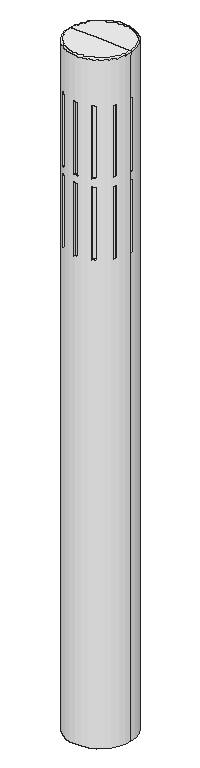
Revit family "NBS_CordekLtd_DschrgeAndVntltngStackTrmntns_GasVentingBollard-027", category Specialty Equipment, Revit 2014
Parameters (values of type "GasVentingBollard-027")
  Width = 110.00 mm
  Weight = "1.475 kg"
  WarrantyStartDate [instance] = "1900-12-31T23:59:59"
  WarrantyGuarantorParts = "n/a"
  WarrantyGuarantorLabor = "n/a"
  WarrantyDurationUnit = "year"
  WarrantyDurationParts = "n/a"
  WarrantyDurationLabor = "n/a"
  WarrantyDescription = "n/a"
  Version = "1"  # constant formula
  Uniclass2015Version = "Products v1.1"  # constant formula
  Uniclass2015Reference = "Pr_65_52_61_23"
  Uniclass2015Description = "Discharge and ventilating stack terminations"
  Uniclass2 = "90-62-24/422"
  TagNumber [instance] = "n/a"
  SustainabilityPerformance = "n/a"
  Size = "110 x 110 x 1100 mm"
  Shape = "Circular"
  SerialNumber [instance] = "n/a"
  Revision = "n/a"
  ReplacementCost = "n/a"
  Reference = "n/a"
  ProductInformation = "www.cordek.com/uploads/data_sheets/M-DS16_gas_venting_bollard_data_sheet_v2_cordek.pdf"
  NominalWidth = Width  # 110.00 mm
  NominalLength = Length  # 110.00 mm
  NominalHeight = Height  # 1100.00 mm
  Name = "DischargeAndVentilatingStackTerminations_GasVentingBollard-027_CordekLtd"
  NBSTypeID = "n/a"
  NBSReference = "90-10-60/437"
  NBSOfficeMasterTag = "n/a"
  NBSNote = "n/a"
  NBSDescription = "Discharge and ventilating stack terminations"
  NBSCertification = "http://www.nationalbimlibrary.com/cert/tzqu1xy0"
  ModelReference = "Gas Venting Bollard - 027"
  ModelNumber = "CGV-027"
  Material = "High density polyethylene (HDPE)"
  ManufacturerURL = "www.cordek.com"
  ManufacturerName = "Cordek Ltd"  # constant formula
  Manufacturer = "info@cordek.com"  # constant formula
  Length = 110.00 mm
  InstallationDate [instance] = "1900-12-31T23:59:59"
  IfcExportType = "NOTDEFINED"  # constant formula
  IfcExportAs = "IfcStackTerminalType"  # constant formula
  Height = 1100.00 mm
  Grade = "n/a"
  FreeAirFlow = "25000 mm²"
  Finish = "n/a"
  Features = "Can be positioned at large centres due to high level of free air flow, high quality, robust construction, elevated vent position to avoid potential for water and/or debris ingress"
  ExpectedLife = "n/a"
  DurationUnit = "year"
  Description = "HDPE gas venting bollard"
  Constituents = "n/a"
  ConnectionSizes = "n/a"
  ColourOptions = "n/a"
  Color = "Black"
  CodePerformance = "n/a"
  Category = "Pr_65_52_61_23:Discharge and ventilating stack terminations"
  BollardMaterial = NBS_Concept
  BarCode [instance] = "n/a"
  BIMObjectName = "NBS_CordekLtd_DischargeAndVentilatingStackTerminations_GasVentingBollard-027"
  Author = "NBS"  # constant formula
  AssetType = "Fixed"
  AssetIdentifier [instance] = "n/a"
  Arrangement = "Bollard with vents"
  Accessories = "Horizontal extension sleeve"
  AccessibilityPerformance = "n/a"
Reference planes
  plane 1 "Center (Front/Back)": y = 0
  plane 2: z = 0
  plane 3 "Center (Left/Right)": x = 0
  plane 4 "Top": z = 1100
  plane 5 "Left": x = -55
  plane 6 "Right": x = 55
  plane 7 "Back": y = 55
  plane 8 "Front": y = -55
  plane 9: z = 1025
  plane 10: z = 908.043
  plane 11: z = 895
  plane 12: z = 778.074
Forms (mm)
  Revolve 1, solid, material "NBS_Concept" <- "BollardMaterial", detail levels medium+fine
    sketch origin (0, 0, 0) x (1, 0, 0) y (0, 0, 1)
      loop
        line (0, 1100) -> (-53, 1100)
        arc (-53, 1100) -> (-54.414, 1099.414) -> (-55, 1098) r 2
        line (-55, 1098) -> (-55, 0) -> (-52, 0) -> (-52, 1032.779) -> (0, 1032.779) -> (0, 1100)
      axis (0, 1100) -> (0, 0)
    angle from 0 to 360
  Revolve 2, solid, material "NBS_Concept" <- "BollardMaterial", detail levels coarse
    sketch origin (0, 0, 0) x (1, 0, 0) y (0, 0, 1)
      loop
        line (0, 1100) -> (-55, 1100) -> (-55, 0) -> (-52, 0) -> (-52, 1025) -> (0, 1025) -> (0, 1100)
      axis (0, 0) -> (0, 1100)
    angle from 0 to 360
  Extrusion 3, void
    sketch origin (0, 0, 0) x (1, 0, 0) y (0, 0, 1)
      loop
        line (-3.5, 908.043) -> (3.5, 908.043) -> (3.5, 1025) -> (-3.5, 1025) -> (-3.5, 908.043)
      loop
        line (-3.5, 778.074) -> (3.5, 778.074) -> (3.5, 895) -> (-3.5, 895) -> (-3.5, 778.074)
    from -60 to 60
  Extrusion 4, void
    sketch origin (0, 0, 0) x (0.5, 0.866025, 0) y (0, 0, 1)
      loop
        line (-3.5, 908.043) -> (3.5, 908.043) -> (3.5, 1025) -> (-3.5, 1025) -> (-3.5, 908.043)
      loop
        line (-3.5, 778.074) -> (3.5, 778.074) -> (3.5, 895) -> (-3.5, 895) -> (-3.5, 778.074)
    from -60 to 60
  Extrusion 5, void
    sketch origin (0, 0, 0) x (0.866025, 0.5, 0) y (0, 0, 1)
      loop
        line (-3.5, 908.043) -> (3.5, 908.043) -> (3.5, 1025) -> (-3.5, 1025) -> (-3.5, 908.043)
      loop
        line (-3.5, 778.074) -> (3.5, 778.074) -> (3.5, 895) -> (-3.5, 895) -> (-3.5, 778.074)
    from -60 to 60
  Extrusion 6, void
    sketch origin (0, 0, 0) x (0, 1, 0) y (0, 0, 1)
      loop
        line (-3.5, 908.043) -> (3.5, 908.043) -> (3.5, 1025) -> (-3.5, 1025) -> (-3.5, 908.043)
      loop
        line (-3.5, 778.074) -> (3.5, 778.074) -> (3.5, 895) -> (-3.5, 895) -> (-3.5, 778.074)
    from -60 to 60
  Extrusion 7, void
    sketch origin (0, 0, 0) x (0.5, -0.866025, 0) y (0, 0, -1)
      loop
        line (-3.5, -908.043) -> (-3.5, -1025) -> (3.5, -1025) -> (3.5, -908.043) -> (-3.5, -908.043)
      loop
        line (-3.5, -778.074) -> (-3.5, -895) -> (3.5, -895) -> (3.5, -778.074) -> (-3.5, -778.074)
    from -60 to 60
  Extrusion 8, void
    sketch origin (0, 0, 0) x (0.866025, -0.5, 0) y (0, 0, -1)
      loop
        line (-3.5, -908.043) -> (-3.5, -1025) -> (3.5, -1025) -> (3.5, -908.043) -> (-3.5, -908.043)
      loop
        line (-3.5, -778.074) -> (-3.5, -895) -> (3.5, -895) -> (3.5, -778.074) -> (-3.5, -778.074)
    from -60 to 60
  Extrusion 9, void
    sketch origin (0, 0, 0) x (0, 1, 0) y (0, 0, 1)
      loop
        line (11.21, 1021.5) -> (11.21, 911.543)
        arc (11.21, 911.543) -> (12.235, 909.068) -> (14.71, 908.043) r 3.5
        line (14.71, 908.043) -> (60, 908.043) -> (60, 1025) -> (14.71, 1025)
        arc (14.71, 1025) -> (12.235, 1023.975) -> (11.21, 1021.5) r 3.5
      loop
        line (14.71, 778.074) -> (60, 778.074) -> (60, 895) -> (14.71, 895)
        arc (14.71, 895) -> (12.235, 893.975) -> (11.21, 891.5) r 3.5
        line (11.21, 891.5) -> (11.21, 781.574)
        arc (11.21, 781.574) -> (12.235, 779.099) -> (14.71, 778.074) r 3.5
      loop
        arc (-11.21, 1021.5) -> (-12.235, 1023.975) -> (-14.71, 1025) r 3.5
        line (-14.71, 1025) -> (-60, 1025) -> (-60, 908.043) -> (-14.71, 908.043)
        arc (-14.71, 908.043) -> (-12.235, 909.068) -> (-11.21, 911.543) r 3.5
        line (-11.21, 911.543) -> (-11.21, 1021.5)
      loop
        arc (-14.71, 778.074) -> (-12.235, 779.099) -> (-11.21, 781.574) r 3.5
        line (-11.21, 781.574) -> (-11.21, 891.5)
        arc (-11.21, 891.5) -> (-12.235, 893.975) -> (-14.71, 895) r 3.5
        line (-14.71, 895) -> (-60, 895) -> (-60, 778.074) -> (-14.71, 778.074)
    from 11.21 to 65
  Extrusion 10, void
    sketch origin (0, 0, 0) x (0, 1, 0) y (0, 0, -1)
      loop
        arc (11.21, -1021.5) -> (12.235, -1023.975) -> (14.71, -1025) r 3.5
        line (14.71, -1025) -> (60, -1025) -> (60, -908.043) -> (14.71, -908.043)
        arc (14.71, -908.043) -> (12.235, -909.068) -> (11.21, -911.543) r 3.5
        line (11.21, -911.543) -> (11.21, -1021.5)
      loop
        arc (14.71, -778.074) -> (12.235, -779.099) -> (11.21, -781.574) r 3.5
        line (11.21, -781.574) -> (11.21, -891.5)
        arc (11.21, -891.5) -> (12.235, -893.975) -> (14.71, -895) r 3.5
        line (14.71, -895) -> (60, -895) -> (60, -778.074) -> (14.71, -778.074)
      loop
        line (-11.21, -1021.5) -> (-11.21, -911.543)
        arc (-11.21, -911.543) -> (-12.235, -909.068) -> (-14.71, -908.043) r 3.5
        line (-14.71, -908.043) -> (-60, -908.043) -> (-60, -1025) -> (-14.71, -1025)
        arc (-14.71, -1025) -> (-12.235, -1023.975) -> (-11.21, -1021.5) r 3.5
      loop
        line (-14.71, -778.074) -> (-60, -778.074) -> (-60, -895) -> (-14.71, -895)
        arc (-14.71, -895) -> (-12.235, -893.975) -> (-11.21, -891.5) r 3.5
        line (-11.21, -891.5) -> (-11.21, -781.574)
        arc (-11.21, -781.574) -> (-12.235, -779.099) -> (-14.71, -778.074) r 3.5
    from 11.21 to 65
Cuts and joins
  Extrusion 3, Extrusion 4, Extrusion 5, Extrusion 6, Extrusion 7, Extrusion 8 cuts Revolve 1
  Extrusion 9, Extrusion 10 cuts Revolve 2
Dimensions and locks
  "Height": plane 4 "Top" to level
  equal spacing: plane 7 "Back", plane 1 "Center (Front/Back)", plane 8 "Front"
  "Width": plane 7 "Back" to plane 8 "Front"
  equal spacing: plane 5 "Left", plane 3 "Center (Left/Right)", plane 6 "Right"
  "Length": plane 5 "Left" to plane 6 "Right"
  aligned and locked: level to plane 2
  aligned and locked: Revolve 1 sketch curve to plane 3 "Center (Left/Right)"  (x2)
  aligned and locked: plane 4 "Top" to Revolve 1 sketch curve
  aligned and locked: level to Revolve 1 sketch curve
  aligned and locked: Revolve 2 sketch curve to plane 4 "Top"
  aligned and locked: plane 5 "Left" to Revolve 2 sketch curve
  aligned and locked: Revolve 2 sketch curve to level
  aligned and locked: plane 3 "Center (Left/Right)" to Revolve 2 sketch curve
  aligned and locked: plane 12 to Extrusion 3 sketch curve
  aligned and locked: plane 11 to Extrusion 3 sketch curve
  aligned and locked: plane 10 to Extrusion 3 sketch curve
  aligned and locked: plane 9 to Extrusion 3 sketch curve
Automatic sketch dimensions
  plane 5 "Left" to Revolve 1 sketch curve = 0.00 mm
  Revolve 1 sketch curve to plane 5 "Left" = 2.00 mm
  Revolve 1 sketch curve to plane 5 "Left" = 3.00 mm
  Revolve 1 sketch curve to plane 9 = 7.779 mm
  Revolve 1 sketch curve to plane 12 = 1.926 mm
  Revolve 1 sketch curve to Revolve 1 sketch curve = 7.221 mm
  Extrusion 3 sketch curve to plane 3 "Center (Left/Right)" = 3.50 mm  (x2)
  plane 3 "Center (Left/Right)" to Extrusion 3 sketch curve = 3.50 mm  (x2)
  plane 10 to Extrusion 4 sketch curve = 0.00 mm
  plane 9 to Extrusion 4 sketch curve = 0.00 mm
  plane 12 to Extrusion 4 sketch curve = 0.00 mm
  plane 11 to Extrusion 4 sketch curve = 0.00 mm
  Extrusion 4 sketch curve to Extrusion 4 sketch curve = 0.00 mm
  Extrusion 4 sketch curve to Extrusion 4 sketch curve = 7.00 mm  (x2)
  plane 10 to Extrusion 5 sketch curve = 0.00 mm
  plane 9 to Extrusion 5 sketch curve = 0.00 mm
  plane 12 to Extrusion 5 sketch curve = 0.00 mm
  plane 11 to Extrusion 5 sketch curve = 0.00 mm
  Extrusion 5 sketch curve to Extrusion 5 sketch curve = 0.00 mm
  Extrusion 5 sketch curve to Extrusion 5 sketch curve = 7.00 mm  (x2)
  plane 10 to Extrusion 6 sketch curve = 0.00 mm
  plane 9 to Extrusion 6 sketch curve = 0.00 mm
  plane 12 to Extrusion 6 sketch curve = 0.00 mm
  plane 11 to Extrusion 6 sketch curve = 0.00 mm
  plane 1 "Center (Front/Back)" to Extrusion 6 sketch curve = 3.50 mm  (x2)
  Extrusion 6 sketch curve to plane 1 "Center (Front/Back)" = 3.50 mm  (x2)
  Extrusion 7 sketch curve to plane 10 = 0.00 mm
  Extrusion 7 sketch curve to plane 9 = 0.00 mm
  Extrusion 7 sketch curve to plane 12 = 0.00 mm
  Extrusion 7 sketch curve to plane 11 = 0.00 mm
  Extrusion 7 sketch curve to Extrusion 7 sketch curve = 0.00 mm
  Extrusion 7 sketch curve to Extrusion 7 sketch curve = 7.00 mm  (x2)
  Extrusion 8 sketch curve to plane 10 = 0.00 mm
  Extrusion 8 sketch curve to plane 9 = 0.00 mm
  Extrusion 8 sketch curve to plane 12 = 0.00 mm
  Extrusion 8 sketch curve to plane 11 = 0.00 mm
  Extrusion 8 sketch curve to Extrusion 8 sketch curve = 0.00 mm
  Extrusion 8 sketch curve to Extrusion 8 sketch curve = 7.00 mm  (x2)
  plane 11 to Extrusion 9 sketch curve = 0.00 mm  (x2)
  plane 9 to Extrusion 9 sketch curve = 0.00 mm  (x2)
  plane 10 to Extrusion 9 sketch curve = 0.00 mm  (x2)
  Extrusion 9 sketch curve to plane 12 = 0.00 mm
  plane 12 to Extrusion 9 sketch curve = 0.00 mm
  Extrusion 9 sketch curve to plane 8 "Front" = 5.00 mm  (x2)
  Extrusion 9 sketch curve to plane 10 = 3.50 mm  (x2)
  plane 1 "Center (Front/Back)" to Extrusion 9 sketch curve = 14.71 mm  (x2)
  Extrusion 9 sketch curve to Extrusion 9 sketch curve = 0.00 mm
  plane 9 to Extrusion 9 sketch curve = 3.50 mm
  Extrusion 9 sketch curve to Extrusion 9 sketch curve = 3.50 mm  (x3)
  Extrusion 9 sketch curve to plane 1 "Center (Front/Back)" = 11.21 mm  (x2)
  plane 11 to Extrusion 9 sketch curve = 3.50 mm
  Extrusion 9 sketch curve to plane 7 "Back" = 5.00 mm  (x2)
  plane 11 to Extrusion 10 sketch curve = 0.00 mm  (x2)
  plane 9 to Extrusion 10 sketch curve = 0.00 mm  (x2)
  plane 10 to Extrusion 10 sketch curve = 0.00 mm  (x2)
  plane 12 to Extrusion 10 sketch curve = 0.00 mm  (x2)
  Extrusion 10 sketch curve to plane 8 "Front" = 5.00 mm  (x2)
  Extrusion 10 sketch curve to plane 10 = 3.50 mm  (x2)
  plane 1 "Center (Front/Back)" to Extrusion 10 sketch curve = 14.71 mm  (x2)
  Extrusion 10 sketch curve to Extrusion 10 sketch curve = 0.00 mm
  plane 9 to Extrusion 10 sketch curve = 3.50 mm  (x2)
  Extrusion 10 sketch curve to Extrusion 10 sketch curve = 3.50 mm  (x2)
  Extrusion 10 sketch curve to plane 1 "Center (Front/Back)" = 11.21 mm  (x2)
  plane 11 to Extrusion 10 sketch curve = 3.50 mm
  Extrusion 10 sketch curve to plane 7 "Back" = 5.00 mm  (x2)
  Revolve 2 sketch curve to plane 9 = 0.00 mm
  Revolve 2 sketch curve to plane 3 "Center (Left/Right)" = 0.00 mm
  Revolve 2 sketch curve to plane 12 = 51.926 mm
  plane 9 to Revolve 2 sketch curve = 35.00 mm
  Revolve 2 sketch curve to plane 5 "Left" = 3.00 mm
Connectors
  piping at (0, 0, 0), diameter 110
    settings: on cut or joined group of Revolve 1, Extrusion 3, Extrusion 4, Extrusion 5, Extrusion 6, Extrusion 7, Extrusion 8, index 1, connector inside diameter 609.6 mm, connector length 0.00 mm, flow factor 0, pipe flow 0.0 L/s, pressure drop 0.0 Pa, fitting loss kfactor 0, connector angle 0.00°, fixture units 0, engagement length 0.00 mm, angle of deflection 0.00°, flow configuration 0, flow direction 1, fitting loss method 0, system type 17, joint type 0, gender type 0, connector reference index -1, connector utility 0, adjustable connector no, is connector primary yes, connector description ""
